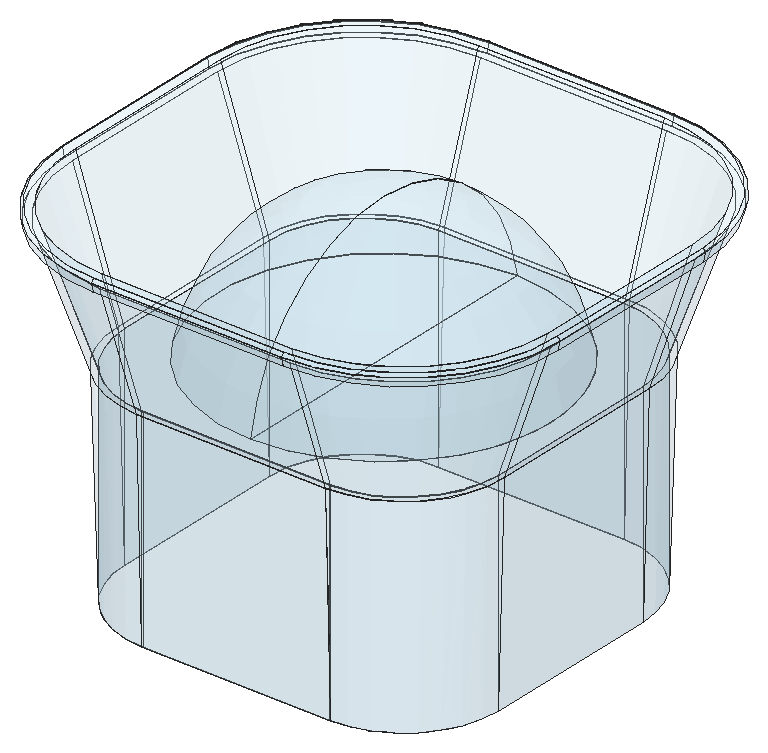
Revit family "Maxlogic sirène,flasheur,Sirène avec Flasheur (Haut IP)", category Fire Alarm Devices, host Face, Revit 2021
Family settings
  Host = Face
  Maintain Annotation Orientation = Yes
  Round Connector Dimension = Use Diameter
  Part Type = Normal
  OmniClass Number = 23.85.30.21
  OmniClass Title = Environmental Detection/Registration
  Cut with Voids When Loaded = No
  Shared = No
  Room Calculation Point = No
Parameters (values of type "Sirène Electronique Conventionnel")
  Poids = "195 gr."
  Boîtier de montage en surface étanche = ""
  Unité de durée de garantie = "Ans"
  Durée de la garantie réservé = "2"
  Durée de la garantie Travail = "2"
  Version = ""
  URL = "https://www.mavili.com.tr/"
  Socle montage de Surlévé = ""
  Numéro de pose des travaux publics = "833-590"
  protection de Classe = "IP21C"
  Code de Produit = "ML-2410"
  Numèro de Téléphone = "(+)90 216 466 45 05"
  Voltage de fonctionnement (default) = "24 V/DC"
  voltage fonction d'opération = "21-28 V/DC"
  Tempèrature de Fonctionnement = "(-10°C) - (+55°C)"
  Largeur Nominale = "90 mm"
  Longeur Nominale = "122 mm"
  Hauteur Nominale = "122 mm"
  Surface de Montage = "Montage à Mur"
  Hauteur de Montage = "Hauteur  2,4 m  du Sol"
  Model = "MaxLogic"
  Manufacturer = "Mavili Elektronik Ticaret A.Ş."
  Manuel d'installation = "https://mavilielektronik.com/Revit/ML24XX_FR.pdf"
  Sortie d'indicateur = ""
  Numèro de Fax = "(+)90 216 466 45 10"
  Balıse = no
  Alimentation d'externe = ""
  E-Poste = "mavili@mavili.com.tr"
  Avertissement = ""
  Charger adresse d'appareil = ""
  Description = "Sirène Electronique Conventionnel"
  Default Elevation = 0 mm
  Current de Consommation = ""
  Coût Unité = ""
  Cost = 0
  Socles Compatible = ""
  Couleur = "Rouge"
  Code de  Performance = "EN 54-3"
  Matériel Principe = "Plastique Rouge ABS"
  Deuxime Matèriel = "Plastique"
  Adresse ligne 1 = "Şerifali Mahallesi Kutup Sokak No:27/1-2-4 Ümraniye TR-34775 İSTANBUL"
Types (10, lengths in mm): name | Poids | Unité de durée de garantie | Numéro de pose des travaux publics | Code de Produit | voltage fonction d'opération | Largeur Nominale | Surface de Montage | Hauteur de Montage | Manuel d'installation | Balıse | Charger adresse d'appareil | Description | Code de  Performance | Matériel Principe
  (no name) | "195 gr." | "Ans" | "833-590" | "ML-2410" | "21-28 V/DC" | "90 mm" | "Montage à Mur" | "Hauteur  2,4 m  du Sol" | "https://mavilielektronik.com/Revit/ML24XX_FR.pdf" | no | "" | "Sirène Electronique Conventionnel" | "EN 54-3" | "Plastique Rouge ABS"
  Sirène Electronique Conventionnel | "195 gr." | "Ans" | "833-590" | "ML-2410" | "21-28 V/DC" | "90 mm" | "Montage à Mur" | "Hauteur  2,4 m  du Sol" | "https://mavilielektronik.com/Revit/ML24XX_FR.pdf" | no | "" | "Sirène Electronique Conventionnel" | "EN 54-3" | "Plastique Rouge ABS"
  Flasheur Conventionnel | "205 gr." | "Year" | "833-591" | "ML-2420" | "21-28 V/DC" | "101,5 mm" | "Montage à Mur" | "Hauteur 2,4 m du Sol" | "https://mavilielektronik.com/Revit/ML24XX_FR.pdf" | yes | "" | "Flasheur Conventionnel" | "EN 54-23" | "Plastique Rouge ABS"
  Sirène avec Flash Electronique Conventionel | "220 gr." | "Ans" | "833-592" | "ML-2430" | "21-28 V/DC" | "101,5 mm" | "Montage à Mur" | "Hauteur 2,4 m du Sol" | "https://mavilielektronik.com/Revit/ML24XX_FR.pdf" | yes | "" | "Sirène avec Flash Electronique Conventionel" | "EN 54-3 / EN 54-23" | "Plastique Rouge  ABS"
  Sirène Adressable Electronique | "186 gr." | "Ans" | "" | "ML-1410" | "18-33 V/DC" | "90 mm" | "Montage à mur" | "hauteur  2,4 m du sol" | "https://mavilielektronik.com/Revit/ML14XX_FR.pdf" | no | "Appareil adressage à Main" | "Sirène Adressable Electronique" | "EN 54-3" | "Plastique Rouge ABS"
  Sirène Adressable Electronique avec Isolateur de Court-Circuit | "186 gr." | "ANS" | "" | "ML-1410.SCI" | "18-33 V/DC" | "90 mm" | "Montage à Mur" | "Hauteur  2,4 m du sol" | "https://mavilielektronik.com/Revit/ML14XX_FR.pdf" | no | "Appareil Adressage à Main" | "Sirène Adressable Electronique avec Isolateur de Court-Circuit" | "EN 54-3" | "Plastique Rouge ABS"
  Flasheur Adressable | "201 gr." | "Ans" | "" | "ML-1420" | "18-33 V/DC" | "90 mm" | "Montage à Mur" | "Zeminden 2,4 m yukarıda" | "https://mavilielektronik.com/Revit/ML14XX_FR.pdf" | yes | "Appareil Adressage à Main" | "Flasheur  Adressable" | "EN 54-23" | "Plastique Rouge  ABS"
  Flasheur Adressable avec Isolateur de Court Circuit | "201 gr." | "Ans" | "" | "ML-1420.SCI" | "18-33 V/DC" | "90 mm" | "Montage à Mur" | "Haut de   2,4 m du sol" | "https://mavilielektronik.com/Revit/ML14XX_FR.pdf" | yes | "Appareil adressage à main" | "Flasheur Adressable avec Isolateur de Court Circuit" | "EN 54-23" | "Plastique Rouge ABS"
  Sirène avec Flasheur Electronique adressable | "217 gr." | "Ans" | "" | "ML-1430" | "18-33 V/DC" | "90 mm" | "Montage à Mur" | "Hauteur  2,4 m du sol" | "https://mavilielektronik.com/Revit/ML14XX_FR.pdf" | yes | "Appareil Adressage à Main" | "Sirène avec Flasheur Electronique adressable" | "EN 54-3 / EN 54-23" | "Plastique Rouge ABS"
  Sirène avec Flash Electronique Adressable | "217 gr." | "Ans" | "" | "ML-1430.SCI" | "18-33 V/DC" | "90 mm" | "Montage à Mur" | "Hauteur  2,4 m du Sol" | "https://mavilielektronik.com/Revit/ML14XX_FR.pdf" | yes | "Appareil adressage à main" | "Sirène avec Flash Electronique Adressable" | "EN 54-3 / EN 54-23" | "Plastique Rouge ABS"
Reference planes
  plane 1 "Center (Front/Back)": y = 0
  plane 2: z = 0
  plane 3 "Center (Left/Right)": x = 0
Forms (mm)
  Extrusion 1, solid, material "MAVİLİ ELEKTRONİK SİREN"
    sketch origin (0, 0, 0) x (1, 0, 0) y (0, 1, 0)
      loop
        line (-46.488, 83.967) -> (-46.488, 38.802)
        arc (-46.488, 38.802) -> (-39.64, 22.268) -> (-23.105, 15.42) r 23.383
        line (-23.105, 15.42) -> (23.105, 15.42)
        arc (23.105, 15.42) -> (39.64, 22.268) -> (46.488, 38.802) r 23.383
        line (46.488, 38.802) -> (46.488, 83.967)
        arc (46.488, 83.967) -> (39.64, 100.501) -> (23.105, 107.35) r 23.383
        line (23.105, 107.35) -> (-23.105, 107.35)
        arc (-23.105, 107.35) -> (-39.64, 100.501) -> (-46.488, 83.967) r 23.383
    from 0 to 52.7
  Sweep 2, solid, material "MAVİLİ ELEKTRONİK SİREN"
    path origin (0, 0, 52.7) x (1, 0, 0) y (0, 1, 0)
      loop
        arc (-46.488, 38.802) -> (-39.783, 22.413) -> (-23.513, 15.423) r 23.383
        line (-23.513, 15.423) -> (23.513, 15.423)
        arc (23.513, 15.423) -> (39.783, 22.413) -> (46.488, 38.802) r 23.383
        line (46.488, 38.802) -> (46.488, 83.967)
        arc (46.488, 83.967) -> (39.64, 100.501) -> (23.105, 107.35) r 23.383
        line (23.105, 107.35) -> (-23.105, 107.35)
        arc (-23.105, 107.35) -> (-39.64, 100.501) -> (-46.488, 83.967) r 23.383
        line (-46.488, 83.967) -> (-46.488, 38.802)
    profile origin (-39.783, 22.413, 52.7) x (0.713243, 0.700917, 0) y (0, 0, 1)
      loop
        line (0, 0) -> (-12.396, 36) -> (-14.67, 36)
        arc (-14.67, 36) -> (-15.2, 35.78) -> (-15.42, 35.25) r 0.75
        line (-15.42, 35.25) -> (-15.023, 33.004) -> (-13.012, 33.004) -> (-1.648, 0) -> (0, -52.7) -> (0, 0)
  Revolve 3, solid, material "MAVİLİ ELEKTRONİK SİREN"
    sketch origin (0, 0, 0) x (0, 1, 0) y (0, 0, 1)
      loop
        line (19.82, 52.7) -> (61.385, 52.7) -> (61.385, 88.7)
        arc (61.385, 88.7) -> (33.831, 78.518) -> (19.82, 52.7) r 41.712
      axis (61.385, 88.7) -> (61.385, 52.7)
    angle from 0 to 360
  Revolve 4, solid, material "MAVİLİ ELEKTRONİK SİREN", visible <- "Balıse"
    sketch origin (0, 83.967, 0) x (0, -1, 0) y (0, 0, 1)
      loop
        arc (64.147, 52.7) -> (60.829, 73.228) -> (54.973, 93.182) r 166.15
        line (54.973, 93.182) -> (52.054, 95.631) -> (22.583, 95.631) -> (22.583, 52.7) -> (64.147, 52.7)
      axis (22.583, 95.631) -> (22.583, 52.7)
    angle from 0 to 360
  Extrusion 5, solid, material "Glass", visible <- "Balıse"
    sketch origin (0, 61.385, 95.631) x (0, -1, 0) y (1, 0, 0)
      loop
        line (-8.595, 0) -> (-8.595, -7.768) -> (4.633, -7.768) -> (5.274, -7.249) -> (5.274, 0) -> (5.274, 7.249) -> (4.633, 7.768) -> (-8.595, 7.768) -> (-8.595, 0)
    from 0 to 7.175
  Extrusion 6, void
    sketch origin (48.136, 83.967, 0) x (0, -1, 0) y (0, 0, 1)
      loop
        line (19.563, 102.806) -> (13.987, 102.806) -> (13.987, 96.413) -> (13.987, 95.631) -> (15.016, 99.471) -> (19.563, 102.806)
    from 40.368 to 55.904
  Extrusion 7, solid, material "MAVİLİ ELEKTRONİK SİREN", visible <- "Balıse"
    sketch origin (0, 61.385, 95.631) x (0, -1, 0) y (1, 0, 0)
      loop
        arc (12.426, 0) -> (10.61, -6.761) -> (6.021, -12.046) r 15.601
        line (6.021, -12.046) -> (7.275, -13.3)
        arc (7.275, -13.3) -> (12.461, -7.509) -> (14.473, 0) r 16.742
        arc (14.473, 0) -> (12.461, 7.509) -> (7.275, 13.3) r 16.742
        line (7.275, 13.3) -> (6.021, 12.046)
        arc (6.021, 12.046) -> (10.61, 6.761) -> (12.426, 0) r 15.601
      loop
        arc (16.808, 0) -> (14.416, -8.514) -> (8.239, -14.842) r 17.895
        line (8.239, -14.842) -> (9.426, -16.029)
        arc (9.426, -16.029) -> (16.095, -9.182) -> (18.748, 0) r 19.665
        arc (18.748, 0) -> (16.095, 9.182) -> (9.426, 16.029) r 19.665
        line (9.426, 16.029) -> (8.239, 14.842)
        arc (8.239, 14.842) -> (14.416, 8.514) -> (16.808, 0) r 17.895
      loop
        arc (20.301, 0) -> (17.952, -10.014) -> (10.871, -17.474) r 19.678
        line (10.871, -17.474) -> (12.257, -18.86)
        arc (12.257, -18.86) -> (19.94, -10.801) -> (22.643, 0) r 21.802
        arc (22.643, 0) -> (19.94, 10.801) -> (12.257, 18.86) r 21.802
        line (12.257, 18.86) -> (10.871, 17.474)
        arc (10.871, 17.474) -> (17.952, 10.014) -> (20.301, 0) r 19.678
    from 0 to 0.585
Cuts and joins
  Extrusion 6 cuts Extrusion 5
Dimensions and locks
  aligned and locked: plane 2 to host face
  aligned and locked: level to host face
